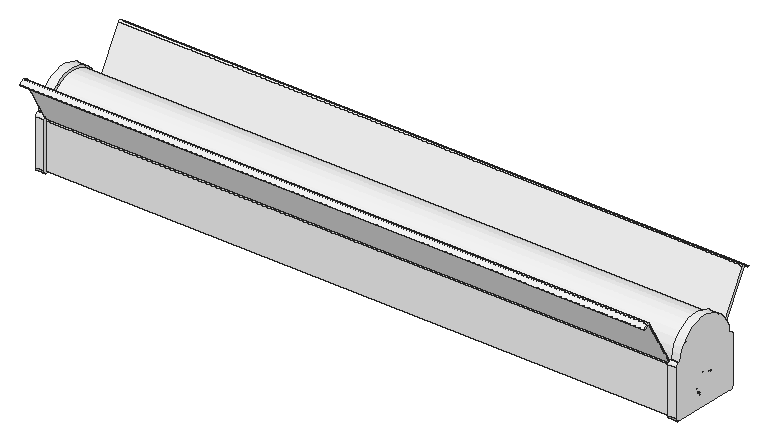
Revit family "0045171+0045231 Feilo Sylvania Lighting Fixture SYLBATTEN LED2 NW TP3 with SYMMETRIC REFLECTOR ACCESSORY 600MM", category Lighting Fixtures, host Face, Revit 2017
Family settings
  Host = Face
  Round Connector Dimension = Use Diameter
  Part Type = Normal
  OmniClass Number = 23.80.70.00
  OmniClass Title = Lighting
  Cut with Voids When Loaded = No
  Light Source = Yes
  Shared = No
  Room Calculation Point = No
Parameters (values of type "0045171 SYLBATTEN LED2 NW TP3")
  Width_FEILO = 66 mm
  Weight = "1.416 kg"
  Wattage Comments = "n/a"
  Wattage = 22 W
  WarrantyStartDate [instance] = "n/a"
  WarrantyGuarantorParts = "n/a"
  WarrantyDurationUnit = "n/a"
  WarrantyDurationParts = "n/a"
  WarrantyDescription = "n/a"
  built-in parameter 1150110 = 1 (stored number, unit not read)
  Voltage = 230 V
  URL = "http://www.sylvania-lighting.com"
  TypeName = "SYLBATTEN LED2 NW TP3"
  Type Image = <None>
  Type Comments = "n/a"
  built-in parameter 1114217 = 1 (stored number, unit not read)
  Tilt Angle = -90.00°
  built-in parameter 1150109 = 1 (stored number, unit not read)
  built-in parameter 1150134 = 12
  SymReflector_FEILO = yes
  built-in parameter 1150113 = 1 (stored number, unit not read)
  SerialNumber [instance] = "n/a"
  PowerFactor = 0
  PowerConsumption = "22 W"
  Photometric Web File = "0045171+0045231.ies"
  NominalLength = 605 mm
  NominalHeight = 91 mm
  NominalDepth = 122 mm
  Name = "SYLBATTEN LED2 NW TP3"
  ModelReference = Name  # "SYLBATTEN LED2 NW TP3"
  ModelNumber = "0045171"
  Model = Name  # "SYLBATTEN LED2 NW TP3"
  Material_4_FEILO = Reflector-Sylvania-Sylbatten-White
  Material_3_FEILO = Diffuser-Sylvania-Sylbatten-Glow
  Material_2_FEILO = Body-Sylvania-Sylbatten-White
  Material_1_FEILO = Body-Sylvania-Sylbatten-White
  Material = "sheet steel housing, polycarbonate diffuser"
  ManufacturerName = "Feilo Sylvania"
  Manufacturer = "Feilo Sylvania"
  LuminousEfficacy = "105.8 lm/W"
  built-in parameter 1150105 = 185.26 (stored number, unit not read)
  Lumens = 2328.04 lm
  LuminaireType = ""
  built-in parameter 1150115 = 1 (stored number, unit not read)
  LightOutputRatio = "100"
  built-in parameter 1150137 = (empty or 0)
  built-in parameter 1150139 = (empty or 0)
  Length_FEILO = 605 mm
  LampsType = Lamp  # "LED"
  LampNominalLuminous = "2328 lm"
  LampMacAdamStep = "n/a"
  LampColourTemperature = "4000 K"
  LampColourRenderingIndex = "80"
  built-in parameter 1150112 = 1 (stored number, unit not read)
  built-in parameter 1150114 = 1 (stored number, unit not read)
  Lamp = "LED"
  Keynote = "16500"
  InstallationDate [instance] = "n/a"
  InputVoltage = "220-240V~"
  InputNominalFrequency = "n/a"
  built-in parameter 1150132 = (empty or 0)
  built-in parameter 1150102 = (empty or 0)
  built-in parameter 1150107 = 4000 (stored number, unit not read)
  built-in parameter 1150138 = (empty or 0)
  IngressProtection = "IP20"
  ImpactProtectionIndex = "IK07"
  built-in parameter 1150106 = 1.8526 (stored number, unit not read)
  IfcExportType = "IfcLightFixtureType"
  IfcExportAs = "IfcLightFixtureType"
  Height_FEILO = 76 mm
  ExpectedLife = 50000
  Emit from Rectangle Width = Length_FEILO - 16 mm  # 589 mm
  Emit from Rectangle Length = Width_FEILO - 40 mm  # 26 mm
  Emit Shape Visible in Rendering = no
  ElectricShockClassification = "Class I"
  built-in parameter 1150104 = 9.831 (stored number, unit not read)
  DurationUnit = "hours"
  DocumentationLiterature = "http://www.sylvania-lighting.com/product/en-int/products/0045171"
  DimmingControlOptions = "n/a"
  Dimming Lamp Color Temperature Shift = <None>
  Description = "LED batten, T8 replacement, ease of installation through 2 part push-in design of the housing (safety cable included), through wiring capability (TP3 = 3 core), sheet steel, 2328LM, 22W, 106lm/W, 4000K, drive current: 350mA, CRI 80, 138° wide beam angle, electronic driver (non dimmable), IP20, IK07, 50,000 hrs (L70), (LxWxH) 605x66x76mm, 5 step MacAdam ellipse, 1.8kg, white RAL9016, Class 1, 220-240V, energy class: A++, A+, A."
  Default Elevation = 1219.2 mm
  CreatedOn = "1/25/2018"
  CreatedBy = ""
  Cost = 0
  Color Filter = 16777215
  built-in parameter 1114216 [instance] = (empty or 0)
  ClassificationValue = "EF_70_80"
  ClassificationName = "Uniclass2015"
  CapOffset_FEILO = 2 mm
  BarCode [instance] = "n/a"
  built-in parameter 1114218 = 1 (stored number, unit not read)
  BackReflector_FEILO = and(not(AsymReflector_FEILO), SymReflector_FEILO)  # yes
  built-in parameter 1150133 = 10 (stored number, unit not read)
  FrontReflector_FEILO = or(AsymReflector_FEILO, SymReflector_FEILO)  # yes
  AsymReflector_FEILO = no
  AssetType = "Fixed"
  AssetIdentifier [instance] = "n/a"
  Assembly Code = "D5020200"
  Apparent Load = 22 VA
Reference planes
  plane 1 "Center (Front/Back)": y = 0
  plane 2: z = 0
  plane 3 "Center (Left/Right)": x = 0
  plane 4: x = 302.5
  plane 5: x = -302.5
  plane 6: y = 33
  plane 7: y = -33
  plane 8: z = 76
  plane 9: z = 47
  plane 10: y = -29
  plane 11: y = 29
  plane 12: z = 20
  plane 13: z = 74
  plane 14: y = -31
  plane 15: y = -27
  plane 16: y = 27
  plane 17: y = 31
  plane 18: z = 2
  plane 19: x = -294.5
  plane 20: x = 294.5
  plane 21: z = 49
  plane 22: y = 1
  plane 23: y = -1
  plane 24: z = 21
  plane 25: z = 19
  plane 26: y = -61
  plane 27: y = 61
  plane 28: y = -56
  plane 29: y = 56
  plane 30: z = 91
  plane 31: z = 88
Forms (mm)
  Extrusion 1, solid, material "Body-Sylvania-Sylbatten-White" <- "Material_2_FEILO"
    sketch origin (0, 0, 0) x (0, 1, 0) y (0, 0, 1)
      loop
        line (-31, 2) -> (31, 2) -> (31, 45)
        arc (31, 45) -> (30.414, 46.414) -> (29, 47) r 2
        line (29, 47) -> (27, 47)
        arc (27, 47) -> (0, 74) -> (-27, 47) r 27
        line (-27, 47) -> (-29, 47)
        arc (-29, 47) -> (-30.414, 46.414) -> (-31, 45) r 2
        line (-31, 45) -> (-31, 2)
    from -294.5 to 294.5
  Extrusion 2, solid, material "Body-Sylvania-Sylbatten-White" <- "Material_2_FEILO"
    sketch origin (302.5, 1524, 1219.2) x (0, 1, 0) y (0, 0, 1)
      loop
        arc (-1494, -1219.2) -> (-1491.879, -1218.321) -> (-1491, -1216.2) r 3
        line (-1491, -1216.2) -> (-1491, -1173.2)
        arc (-1491, -1173.2) -> (-1491.879, -1171.079) -> (-1494, -1170.2) r 3
        line (-1494, -1170.2) -> (-1495.069, -1170.2)
        arc (-1495.069, -1170.2) -> (-1524, -1143.2) -> (-1552.931, -1170.2) r 29
        line (-1552.931, -1170.2) -> (-1554, -1170.2)
        arc (-1554, -1170.2) -> (-1556.121, -1171.079) -> (-1557, -1173.2) r 3
        line (-1557, -1173.2) -> (-1557, -1216.2)
        arc (-1557, -1216.2) -> (-1556.121, -1218.321) -> (-1554, -1219.2) r 3
        line (-1554, -1219.2) -> (-1494, -1219.2)
      loop
        arc (-1525, -1189.25) -> (-1531.071, -1192.129) -> (-1533.95, -1198.2) r 10
        line (-1533.95, -1198.2) -> (-1532.944, -1198.2)
        arc (-1532.944, -1198.2) -> (-1530.364, -1192.836) -> (-1525, -1190.256) r 9
        line (-1525, -1190.256) -> (-1525, -1189.25)
      loop
        arc (-1523, -1190.256) -> (-1517.636, -1192.836) -> (-1515.056, -1198.2) r 9
        line (-1515.056, -1198.2) -> (-1514.05, -1198.2)
        arc (-1514.05, -1198.2) -> (-1516.929, -1192.129) -> (-1523, -1189.25) r 10
        line (-1523, -1189.25) -> (-1523, -1190.256)
      loop
        line (-1532.944, -1200.2) -> (-1533.95, -1200.2)
        arc (-1533.95, -1200.2) -> (-1531.071, -1206.271) -> (-1525, -1209.15) r 10
        line (-1525, -1209.15) -> (-1525, -1208.144)
        arc (-1525, -1208.144) -> (-1530.364, -1205.564) -> (-1532.944, -1200.2) r 9
      loop
        arc (-1515.056, -1200.2) -> (-1517.636, -1205.564) -> (-1523, -1208.144) r 9
        line (-1523, -1208.144) -> (-1523, -1209.15)
        arc (-1523, -1209.15) -> (-1516.929, -1206.271) -> (-1514.05, -1200.2) r 10
        line (-1514.05, -1200.2) -> (-1515.056, -1200.2)
    from 0 to -8
  Extrusion 3, solid, material "Body-Sylvania-Sylbatten-White" <- "Material_2_FEILO"
    sketch origin (-302.5, 1524, 1219.2) x (0, 1, 0) y (0, 0, 1)
      loop
        arc (-1495.069, -1170.2) -> (-1524, -1143.2) -> (-1552.931, -1170.2) r 29
        line (-1552.931, -1170.2) -> (-1554, -1170.2)
        arc (-1554, -1170.2) -> (-1556.121, -1171.079) -> (-1557, -1173.2) r 3
        line (-1557, -1173.2) -> (-1557, -1216.2)
        arc (-1557, -1216.2) -> (-1556.121, -1218.321) -> (-1554, -1219.2) r 3
        line (-1554, -1219.2) -> (-1494, -1219.2)
        arc (-1494, -1219.2) -> (-1491.879, -1218.321) -> (-1491, -1216.2) r 3
        line (-1491, -1216.2) -> (-1491, -1173.2)
        arc (-1491, -1173.2) -> (-1491.879, -1171.079) -> (-1494, -1170.2) r 3
        line (-1494, -1170.2) -> (-1495.069, -1170.2)
      loop
        line (-1533.95, -1198.2) -> (-1532.944, -1198.2)
        arc (-1532.944, -1198.2) -> (-1530.364, -1192.836) -> (-1525, -1190.256) r 9
        line (-1525, -1190.256) -> (-1525, -1189.25)
        arc (-1525, -1189.25) -> (-1531.071, -1192.129) -> (-1533.95, -1198.2) r 10
      loop
        line (-1523, -1189.25) -> (-1523, -1190.256)
        arc (-1523, -1190.256) -> (-1517.636, -1192.836) -> (-1515.056, -1198.2) r 9
        line (-1515.056, -1198.2) -> (-1514.05, -1198.2)
        arc (-1514.05, -1198.2) -> (-1516.929, -1192.129) -> (-1523, -1189.25) r 10
      loop
        line (-1514.05, -1200.2) -> (-1515.056, -1200.2)
        arc (-1515.056, -1200.2) -> (-1517.636, -1205.564) -> (-1523, -1208.144) r 9
        line (-1523, -1208.144) -> (-1523, -1209.15)
        arc (-1523, -1209.15) -> (-1516.929, -1206.271) -> (-1514.05, -1200.2) r 10
      loop
        line (-1525, -1209.15) -> (-1525, -1208.144)
        arc (-1525, -1208.144) -> (-1530.364, -1205.564) -> (-1532.944, -1200.2) r 9
        line (-1532.944, -1200.2) -> (-1533.95, -1200.2)
        arc (-1533.95, -1200.2) -> (-1531.071, -1206.271) -> (-1525, -1209.15) r 10
    from 0 to 8
  Extrusion 4, solid, material "Reflector-Sylvania-Sylbatten-White" <- "Material_4_FEILO", visible <- "FrontReflector_FEILO"
    sketch origin (0, 0, 0) x (0, 1, 0) y (0, 0, 1)
      loop
        line (-61.257, 88.429) -> (-60.743, 87.571) -> (-56.621, 90.044)
        arc (-56.621, 90.044) -> (-56.237, 90.099) -> (-55.929, 89.863) r 0.5
        line (-55.929, 89.863) -> (-31.435, 46.753) -> (-30.565, 47.247) -> (-55.312, 90.802)
        arc (-55.312, 90.802) -> (-55.928, 91.275) -> (-56.696, 91.165) r 1
        line (-56.696, 91.165) -> (-61.257, 88.429)
    from -294.5 to 294.5
  Extrusion 5, solid, material "Reflector-Sylvania-Sylbatten-White" <- "Material_4_FEILO", visible <- "BackReflector_FEILO"
    sketch origin (0, 0, 0) x (0, 1, 0) y (0, 0, 1)
      loop
        line (30.565, 47.247) -> (31.435, 46.753) -> (55.932, 89.868)
        arc (55.932, 89.868) -> (56.245, 90.112) -> (56.638, 90.062) r 0.518
        line (56.638, 90.062) -> (61.033, 87.565) -> (61.527, 88.435) -> (56.682, 91.188)
        arc (56.682, 91.188) -> (55.922, 91.282) -> (55.318, 90.812) r 1
        line (55.318, 90.812) -> (30.565, 47.247)
    from -294.5 to 294.5
Lines and regions (mm)
  reference lines
    curve 1: line (0, -61, 88) -> (0, -56, 91)
    curve 2: line (0, -56, 91) -> (0, -31, 47)
    curve 3: line (0, 31, 47) -> (0, 56, 91)
    curve 4: line (0, 56, 91) -> (0, 61.28, 88)
Dimensions and locks
  equal spacing: plane 5, plane 3 "Center (Left/Right)", plane 4
  equal spacing: plane 7, plane 1 "Center (Front/Back)", plane 6
  "Width_FEILO": plane 7 to plane 6
  "Length_FEILO": plane 5 to plane 4
  "Height_FEILO": plane 8 to plane 2
  locked: plane 9 to plane 8 at 29
  equal spacing: plane 10, plane 1 "Center (Front/Back)", plane 11
  locked: plane 7 to plane 10 at 4
  locked: plane 12 to plane 2 at 20
  "CapOffset_FEILO": plane 13 to plane 8
  "CapOffset_FEILO": plane 7 to plane 14
  "CapOffset_FEILO": plane 10 to plane 15
  "CapOffset_FEILO": plane 17 to plane 6
  "CapOffset_FEILO": plane 16 to plane 11
  "CapOffset_FEILO": plane 18 to plane 2
  locked: plane 14 to Extrusion 1 sketch curve at 2
  locked: Extrusion 1 sketch curve to plane 9 at 2  (x2)
  locked: plane 16 to Extrusion 1 sketch curve at 2
  equal spacing: plane 19, plane 3 "Center (Left/Right)", plane 20
  locked: plane 5 to plane 19 at 8
  "CapOffset_FEILO": plane 9 to plane 21
  locked: Extrusion 2 sketch curve to plane 2 at 47
  locked: Extrusion 1 sketch curve to plane 2 at 47
  locked: Extrusion 2 sketch curve to plane 2 at 3  (x2)
  locked: plane 7 to Extrusion 2 sketch curve at 3  (x2)
  locked: Extrusion 2 sketch curve to plane 6 at 3  (x2)
  locked: Extrusion 2 sketch curve to plane 21 at 3  (x2)
  equal spacing: plane 23, plane 1 "Center (Front/Back)", plane 22
  equal spacing: plane 25, plane 12, plane 24
  plane 30 to plane 31 to plane 2 = 3 mm locked, 88 mm locked
  plane 28 to plane 29 = 112 mm
  plane 26 to plane 27 = 122 mm
  aligned and locked: plane 2 to host face
  aligned and locked: level to host face
  aligned and locked: plane 18 to Extrusion 1 sketch curve
  aligned and locked: plane 14 to Extrusion 1 sketch curve
  aligned and locked: Extrusion 1 sketch curve to plane 9  (x2)
  aligned and locked: Extrusion 1 sketch curve to plane 17
  aligned and locked: plane 15 to Extrusion 1 sketch curve
  aligned and locked: plane 16 to Extrusion 1 sketch curve
  aligned and locked: plane 9 to Extrusion 1 sketch curve
  aligned and locked: plane 20 to Extrusion 1
  aligned and locked: level to Extrusion 2 sketch curve
  aligned and locked: Extrusion 2 sketch curve to plane 7
  aligned and locked: plane 21 to Extrusion 2 sketch curve
  aligned and locked: Extrusion 2 sketch curve to plane 21
  aligned and locked: plane 1 "Center (Front/Back)" to Extrusion 2 sketch curve  (x3)
  aligned and locked: Extrusion 2 to Extrusion 1
  aligned and locked: plane 4 to Extrusion 2
  aligned and locked: plane 12 to Extrusion 2 sketch curve  (x2)
  aligned and locked: Extrusion 2 sketch curve to plane 22
  aligned and locked: Extrusion 2 sketch curve to plane 23
  aligned and locked: Extrusion 2 sketch curve to plane 24
  aligned and locked: Extrusion 2 sketch curve to plane 25
  aligned and locked: plane 25 to Extrusion 2 sketch curve
  aligned and locked: plane 22 to Extrusion 2 sketch curve
  aligned and locked: plane 24 to Extrusion 2 sketch curve
  aligned and locked: plane 23 to Extrusion 2 sketch curve  (x2)
  aligned and locked: Extrusion 3 sketch curve to Extrusion 2  (x22)
  aligned and locked: Extrusion 3 to Extrusion 1
  aligned and locked: Extrusion 3 to plane 5
  aligned and locked: plane 19 to Extrusion 3
  aligned and locked: plane 31 to curve 1
  aligned and locked: plane 30 to curve 1
  aligned and locked: plane 14 to curve 2
  aligned and locked: plane 9 to curve 2
  aligned and locked: plane 17 to curve 3
  aligned and locked: plane 30 to curve 3
  aligned and locked: plane 31 to curve 4
  aligned and locked: Extrusion 4 sketch curve to curve 2
  aligned and locked: Extrusion 4 sketch curve to curve 1
  aligned and locked: Extrusion 4 to Extrusion 1
  aligned and locked: Extrusion 1 to Extrusion 4
  aligned and locked: imposter light to plane 1 "Center (Front/Back)"
  aligned and locked: imposter light to plane 3 "Center (Left/Right)"
  aligned and locked: imposter light to plane 13
  aligned and locked: Extrusion 5 sketch curve to curve 4
  aligned and locked: Extrusion 5 sketch curve to curve 3
  aligned and locked: Extrusion 1 to Extrusion 5
  aligned and locked: Extrusion 5 to Extrusion 1
Automatic sketch dimensions
  host sketch curve to host sketch curve = 2438.4 mm  (x2)
  Extrusion 2 sketch curve to Extrusion 2 sketch curve = 0 mm  (x14)
  Extrusion 2 sketch curve to plane 10 = 0.069 mm
  plane 23 to Extrusion 2 sketch curve = 8.95 mm
  Extrusion 2 sketch curve to Extrusion 2 sketch curve = 1.006 mm  (x4)
  Extrusion 2 sketch curve to plane 22 = 7.944 mm
  curve 1 to plane 26 = 0 mm
  curve 2 to plane 28 = 0 mm
  curve 4 to plane 29 = 0 mm
  plane 9 to curve 3 = 0 mm
  plane 26 to Extrusion 4 sketch curve = 0.257 mm
  Extrusion 4 sketch curve to plane 26 = 0.257 mm
  Extrusion 4 sketch curve to plane 30 = 0.165 mm
  plane 28 to Extrusion 4 sketch curve = 0.696 mm
  plane 28 to Extrusion 4 sketch curve = 0.621 mm
  plane 28 to Extrusion 4 sketch curve = 0.364 mm
  plane 28 to Extrusion 4 sketch curve = 0.182 mm
  Extrusion 4 sketch curve to plane 28 = 0.071 mm
  plane 30 to Extrusion 4 sketch curve = 0.198 mm
  Extrusion 4 sketch curve to plane 28 = 0.688 mm
  plane 9 to Extrusion 4 sketch curve = 0.247 mm
  plane 1 "Center (Front/Back)" to Extrusion 4 sketch curve = 31.435 mm
  Extrusion 5 sketch curve to plane 9 = 0.247 mm
  Extrusion 5 sketch curve to plane 1 "Center (Front/Back)" = 30.565 mm
  plane 9 to Extrusion 5 sketch curve = 0.247 mm
  plane 30 to Extrusion 5 sketch curve = 0.188 mm
  plane 29 to Extrusion 5 sketch curve = 0.068 mm
  Extrusion 5 sketch curve to plane 29 = 0.188 mm
  Extrusion 5 sketch curve to plane 29 = 0.382 mm
  Extrusion 5 sketch curve to Extrusion 5 sketch curve = 0.256 mm
  Extrusion 5 sketch curve to plane 30 = 0.188 mm
  Extrusion 5 sketch curve to plane 29 = 0.682 mm
  Extrusion 5 sketch curve to plane 27 = 0.033 mm
  Extrusion 5 sketch curve to plane 27 = 0.527 mm
Connectors
  electrical at (0, 0, 0), driven by "Apparent Load", driven by "PowerFactor", driven by "Voltage"
    settings: index 1, voltage 230 V, apparent load 22 VA, apparent load phase1 0 VA, apparent load phase2 0 VA, apparent load phase3 0 VA, power factor 0, load classification "Lighting", number of poles 1, system type 30, power factor state 1, is connector primary yes, connector utility no, sub classification motor no, connector description ""
